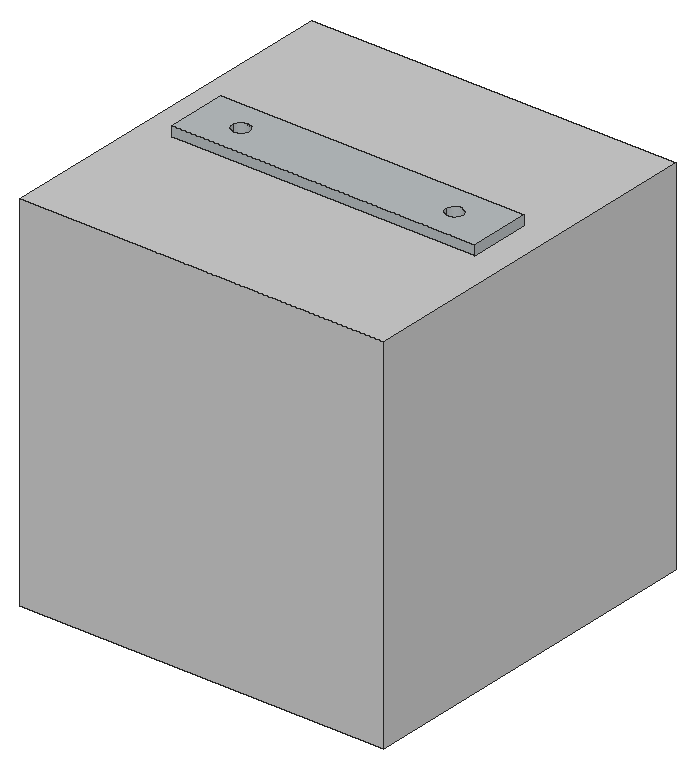
Revit family "REC-GL250x8", category Structural Connections, host Face, Revit 2024
Family settings
  Host = Face
  Material for Model Behavior = Steel
  Enable Cutting in Views = Yes
  Cut with Voids When Loaded = Yes
  Shared = No
Parameters (values of type "GL250x8")
  Visible = yes
  URL_Product_(Producto) = ""
  URL_DataSheet_(FichaTecnica) = ""
  URL_CE_Marking_(MarcadoCE) = ""
  Type IFC Predefined Type = "Brackets"
  Type Comments = ""
  URL = "https://recense.com/"
  Model = "GL250x8"
  Manufacturer = "RECENSE"
  Keynote_ESP = "Grapa para conexión longitudinal de elementos prefabricados."
  Keynote = "Clamp for longitudinal connection of prefabricated elements."
  IFCExportType = Classification.Uniclass.Pr.Description  # "Carbon steel anchor plates"
  IFCExportAs = "IfcElementAssembly"
  Fecha de Creacion: = "01/03/2024"
  Fecha Ultima Revision: = "01/03/2024"
  Export Type to IFC As = "IfcElementAssembly"
  Description_ESP = "Grapa lisa recta 250x50x8 mm con 2 TØ14 mm."
  Description = "Straight smooth clamp 250x50x8 mm with 2 holes Ø14 mm."
  Default Elevation = 0.0 mm
  Creado por: = "Deliprogal SL"
  Cost = 0
  Classification.Uniclass.Ss.Number = ""
  Classification.Uniclass.Ss.Description = ""
  Classification.Uniclass.Pr.Number = "Pr_20_29_03_10"
  Classification.Uniclass.Pr.Description = "Carbon steel anchor plates"
  Classification.Uniclass.EF.Number = ""
  Classification.Uniclass.EF.Description = ""
  Classification.Space.Number = ""
  Classification.Space.Description = ""
  Classification.Facility.Number = ""
  Classification.Facility.Description = ""
  Assembly Code = ""
Reference planes
  plane 1 "Center (Front/Back)": y = 0
  plane 2: z = 0
  plane 3 "Center (Left/Right)": x = 0
Forms (mm)
  Extrusion 1, solid, material "REC_Base"
    sketch origin (0, -719.2, 0) x (1, 0, 0) y (0, 1, 0)
      loop
        line (-150, 869.2) -> (-150, 569.2) -> (150, 569.2) -> (150, 869.2) -> (-150, 869.2)
    from 0 to -300
  Extrusion 2, solid, material "REC_Acero, S 275JR (Zincado)"
    sketch origin (-90, -224.043, 0) x (1, 0, 0) y (0, 1, 0)
      loop
        line (-35, 249.043) -> (-35, 199.043) -> (215, 199.043) -> (215, 249.043) -> (-35, 249.043)
      loop
        circle (2, 224.043) r 7
      loop
        circle (178, 224.043) r 7
    from 0 to 8
Dimensions and locks
  aligned and locked: plane 2 to Extrusion 1
  aligned and locked: level to Extrusion 1
